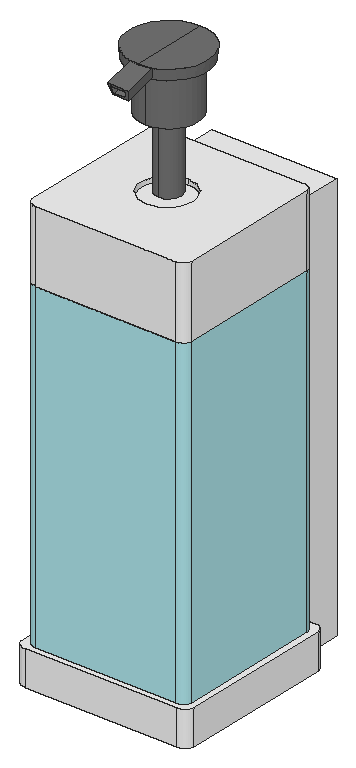
Revit family "DSDR0134_REVIT", category Generic Models, Revit 2017
Family settings
  Can host rebar = No
  Round Connector Dimension = Use Diameter
  Part Type = Normal
  Work Plane-Based = No
  Always vertical = Yes
  Cut with Voids When Loaded = No
  Shared = No
  Room Calculation Point = No
Parameters
  Website = "https://dolphy.in/"  # constant formula
  Contact number = "+91 9520202035"  # constant formula
  Contact email = "info@dolphy.in"  # constant formula
  Company name = "Dolphy India"  # constant formula
Reference planes
  plane 1 "Center (Front/Back)": y = 0
  plane 2: z = 0
  plane 3 "Center (Left/Right)": x = 0
Forms (mm)
  Extrusion 1, solid, material "ABS Plastic"
    sketch origin (29.676, -44, 0) x (0, 1, 0) y (-1, 0, 0)
      loop
        spline (-31, 3.62) -> (-30.955, 2.994) -> (-30.83, 2.435) -> (-30.638, 1.941) -> (-30.393, 1.508) -> (-30.108, 1.135) -> (-29.797, 0.82) -> (-29.475, 0.559) -> (-29.154, 0.352) -> (-28.848, 0.194) -> (-28.571, 0.084) -> (-28.336, 0.02) -> (-28.158, 0)
        line (-28.158, 0) -> (26.163, 0)
        spline (26.163, 0) -> (26.341, 0.02) -> (26.575, 0.084) -> (26.852, 0.194) -> (27.157, 0.351) -> (27.478, 0.558) -> (27.8, 0.818) -> (28.11, 1.133) -> (28.394, 1.505) -> (28.638, 1.937) -> (28.83, 2.431) -> (28.955, 2.989) -> (29, 3.613)
        line (29, 3.613) -> (29, 56.386)
        spline (29, 56.386) -> (28.955, 57.011) -> (28.83, 57.569) -> (28.638, 58.063) -> (28.394, 58.494) -> (28.11, 58.866) -> (27.8, 59.181) -> (27.478, 59.441) -> (27.157, 59.649) -> (26.852, 59.806) -> (26.575, 59.915) -> (26.341, 59.979) -> (26.163, 60)
        line (26.163, 60) -> (-28.158, 60)
        spline (-28.158, 60) -> (-28.336, 59.979) -> (-28.571, 59.915) -> (-28.848, 59.806) -> (-29.154, 59.648) -> (-29.475, 59.44) -> (-29.797, 59.18) -> (-30.108, 58.864) -> (-30.393, 58.492) -> (-30.638, 58.059) -> (-30.83, 57.564) -> (-30.955, 57.005) -> (-31, 56.379)
        line (-31, 56.379) -> (-31, 3.62)
    from 0 to 12.041
  Extrusion 2, solid, material "Blue transparent"
    sketch origin (29.676, -44, 19.965) x (0, 1, 0) y (-1, 0, 0)
      loop
        spline (-28.734, 5.724) -> (-28.693, 5.145) -> (-28.577, 4.627) -> (-28.399, 4.169) -> (-28.172, 3.769) -> (-27.909, 3.424) -> (-27.621, 3.132) -> (-27.323, 2.891) -> (-27.026, 2.699) -> (-26.742, 2.553) -> (-26.486, 2.452) -> (-26.269, 2.392) -> (-26.104, 2.373)
        line (-26.104, 2.373) -> (24.166, 2.373)
        spline (24.166, 2.373) -> (24.331, 2.392) -> (24.547, 2.451) -> (24.803, 2.553) -> (25.086, 2.698) -> (25.382, 2.89) -> (25.68, 3.131) -> (25.967, 3.422) -> (26.23, 3.766) -> (26.457, 4.166) -> (26.634, 4.623) -> (26.75, 5.139) -> (26.791, 5.717)
        line (26.791, 5.717) -> (26.791, 54.555)
        spline (26.791, 54.555) -> (26.75, 55.133) -> (26.634, 55.649) -> (26.457, 56.106) -> (26.23, 56.506) -> (25.967, 56.85) -> (25.68, 57.141) -> (25.382, 57.382) -> (25.086, 57.574) -> (24.803, 57.719) -> (24.547, 57.821) -> (24.331, 57.88) -> (24.166, 57.899)
        line (24.166, 57.899) -> (-26.104, 57.899)
        spline (-26.104, 57.899) -> (-26.269, 57.88) -> (-26.486, 57.821) -> (-26.742, 57.719) -> (-27.026, 57.573) -> (-27.323, 57.381) -> (-27.621, 57.14) -> (-27.909, 56.848) -> (-28.172, 56.503) -> (-28.399, 56.103) -> (-28.577, 55.645) -> (-28.693, 55.128) -> (-28.734, 54.548)
        line (-28.734, 54.548) -> (-28.734, 5.724)
    from -7.924 to 104.763
  Extrusion 3, solid, material "ABS Plastic"
    sketch origin (29.676, -44, 139.965) x (0, 1, 0) y (-1, 0, 0)
      loop
        spline (-28.734, 5.724) -> (-28.693, 5.145) -> (-28.577, 4.627) -> (-28.399, 4.169) -> (-28.172, 3.769) -> (-27.909, 3.424) -> (-27.621, 3.132) -> (-27.323, 2.891) -> (-27.026, 2.699) -> (-26.742, 2.553) -> (-26.486, 2.452) -> (-26.269, 2.392) -> (-26.104, 2.373)
        line (-26.104, 2.373) -> (24.166, 2.373)
        spline (24.166, 2.373) -> (24.331, 2.392) -> (24.547, 2.451) -> (24.803, 2.553) -> (25.086, 2.698) -> (25.382, 2.89) -> (25.68, 3.131) -> (25.967, 3.422) -> (26.23, 3.766) -> (26.457, 4.166) -> (26.634, 4.623) -> (26.75, 5.139) -> (26.791, 5.717)
        line (26.791, 5.717) -> (26.791, 54.555)
        spline (26.791, 54.555) -> (26.75, 55.133) -> (26.634, 55.649) -> (26.457, 56.106) -> (26.23, 56.506) -> (25.967, 56.85) -> (25.68, 57.141) -> (25.382, 57.382) -> (25.086, 57.574) -> (24.803, 57.719) -> (24.547, 57.821) -> (24.331, 57.88) -> (24.166, 57.899)
        line (24.166, 57.899) -> (-26.104, 57.899)
        spline (-26.104, 57.899) -> (-26.269, 57.88) -> (-26.486, 57.821) -> (-26.742, 57.719) -> (-27.026, 57.573) -> (-27.323, 57.381) -> (-27.621, 57.14) -> (-27.909, 56.848) -> (-28.172, 56.503) -> (-28.399, 56.103) -> (-28.577, 55.645) -> (-28.693, 55.128) -> (-28.734, 54.548)
        line (-28.734, 54.548) -> (-28.734, 5.724)
    from 9.621 to -15.237
  Extrusion 4, solid, material "ABS Plastic"
    sketch origin (29.676, -44, 0) x (0, 1, 0) y (-1, 0, 0)
      loop
        line (26.791, 8.033) -> (44, 8.033) -> (44, 51.32) -> (26.791, 51.32) -> (26.791, 8.033)
    from 0 to 142.815
  Extrusion 5, void
    sketch origin (29.123, -43.889, 0) x (0, 1, 0) y (-1, 0, 0)
      loop
        circle (0, 31.306) r 9
    from 147.894 to 149.586
  Revolve 6, solid, material "ABS-BLACK"
    sketch origin (-2.199, -43.211, 6.771) x (0, 1, 0) y (0, 0, 1)
      loop
        line (4.381, 142.815) -> (4.381, 167.815) -> (10.111, 167.815) -> (10.111, 184.67) -> (13.235, 184.67) -> (13.621, 188.341) -> (0, 188.341) -> (0, 142.815) -> (4.381, 142.815)
      axis (0, 188.341) -> (0, 142.815)
    angle from 0 to 360
  Sweep 7, solid, material "ABS-BLACK"
    path origin (29.676, -43.219, 0.156) x (0, 1, 0) y (0, 0, 1)
      loop
        line (-13.023, 193.442) -> (-23.089, 190.933)
    profile origin (29.676, -61.275, 192.344) x (0, 0.241922, -0.970296) y (1, 0, 0)
      loop
        line (-1.551, -34.476) -> (2.057, -33.372) -> (2.057, -27.884) -> (-1.551, -27.051) -> (-1.551, -34.476)
      loop
        line (-1.046, -33.255) -> (1.532, -32.753) -> (1.532, -28.504) -> (-1.046, -28.05) -> (-1.046, -33.255)
Cuts and joins
  Extrusion 5 cuts Extrusion 3
  Extrusion 5 cuts Revolve 6
Dimensions and locks
  aligned and locked: level to plane 2
  aligned and locked: Extrusion 2 to Extrusion 1
